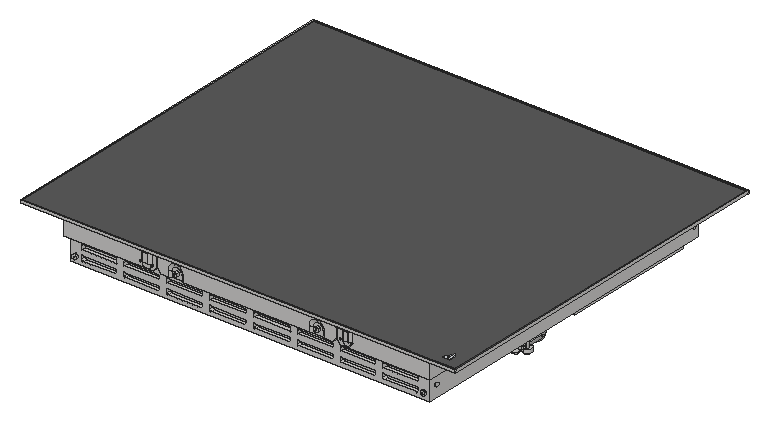
Revit family "P210876JX-026_JIC4324KB", category Specialty Equipment, Revit 2026
Family settings
  Round Connector Dimension = Use Diameter
  Part Type = Normal
  Work Plane-Based = No
  Enable Cutting in Views = No
  Always vertical = Yes
  Cut with Voids When Loaded = No
  Maintain Annotation Orientation = No
  Shared = No
  Room Calculation Point = No
Parameters (values of type "JIC4324KB")
  Width = 25 9/32"
  Voltage = 0 V
  URL = ""
  Trim Material = ARCAT - Metal - Steel - Stainless
  Model = "JIC4324KB"
  Manufacturer = "JennAir"
  Installation-Fabrication = "https://whirlpool.com/content/dam/global/documents/202107/installation-instructions-w11362914-revc.pdf\r\nhttps://whirlpool.com/content/dam/global/documents/202107/installation-instructions-w11362914-revc.pdf"
  Height = 3 29/32"
  Feature 3 = "Oblivion Glass Surface\r\nSurface en verre hypnotisant"
  Feature 2 = "Emotive Controls\r\nCommandes sensibles"
  Feature 1 = "Assisted Cooking\r\nCuisson assistée"
  Family Name = "Electric Built-In Cooktop"
  Energy Guide = ""
  Drawn By = ""
  Dimension Guide = "https://www.whirlpool.com/content/dam/global/documents/202005/dimension-guide-w11362930-reva.pdf\r\nhttps://www.whirlpool.com/content/dam/global/documents/202005/dimension-guide-w11362930-reva.pdf"
  Description = "Oblivion Glass 24\" Induction Cooktop\r\nTable de cuisson à surface en verre de 24 po"
  Depth = 21 5/16"
  Default Elevation = 0"
  Copyright = ""
  Cooktop Glass Material = ARCAT - Glass - Tempered - Black Light
  Body Material = ARCAT - Metal - Steel - Stainless
  Amps = 0 A
Reference planes (in)
  plane 1 "Center (Front/Back)": y = 0
  plane 2: z = 0
  plane 3 "Center (Left/Right)": x = 0
  plane 4: z = 0
  plane 5: z = 0
  plane 6: y = -21.3125
  plane 7: z = -1.10938
  plane 8: z = 2.79687
  plane 9: x = 12.64062
  plane 10: x = -12.64063
Forms (in)
  Extrusion 1, solid, material "ARCAT - Metal - Steel - Stainless" <- "Body Material"
    sketch origin (-60.41868, -180.19394, 1.08437) x (-1, 0, 0) y (0, -1, 0)
      loop
        line (-70.84931, -179.27578) -> (-49.97885, -179.27578) -> (-49.97885, -159.7996) -> (-70.84931, -159.7996) -> (-70.84931, -179.27578)
    from -1.08437 to 0.23633
  Extrusion 2, solid, material "ARCAT - Metal - Steel - Stainless" <- "Body Material"
    sketch origin (13.39375, -20.39434, 0.33437) x (-1, 0, 0) y (0, 0, -1)
      loop
        line (23.63249, -0.09388) -> (23.63249, 0.05046) -> (23.50749, 0.12263) -> (23.38249, 0.05046) -> (23.38249, -0.09388) -> (23.50749, -0.16605) -> (23.63249, -0.09388)
      loop
        circle (23.50749, -0.02171) r 0.04258
    from 0 to 0.12129
  Extrusion 3, solid, material "ARCAT - Metal - Steel - Stainless" <- "Trim Material"
    sketch origin (-17.73791, -0.5, 2.70051) x (0, -1, 0) y (1, 0, 0)
      loop
        line (-0.5, 30.33166) -> (-0.5, 5.14274)
        arc (-0.5, 5.14274) -> (-0.48669, 5.1106) -> (-0.45454, 5.09729) r 0.04546
        line (-0.45454, 5.09729) -> (20.76563, 5.09729)
        arc (20.76563, 5.09729) -> (20.79877, 5.11102) -> (20.8125, 5.14416) r 0.04688
        line (20.8125, 5.14416) -> (20.8125, 30.33166)
        arc (20.8125, 30.33166) -> (20.79877, 30.36481) -> (20.76563, 30.37854) r 0.04688
        line (20.76563, 30.37854) -> (-0.45312, 30.37854)
        arc (-0.45312, 30.37854) -> (-0.48627, 30.36481) -> (-0.5, 30.33166) r 0.04688
      loop
        line (-0.41317, 5.15979) -> (20.72656, 5.15979)
        arc (20.72656, 5.15979) -> (20.74314, 5.16665) -> (20.75, 5.18323) r 0.02344
        line (20.75, 5.18323) -> (20.75, 30.2926)
        arc (20.75, 30.2926) -> (20.74314, 30.30917) -> (20.72656, 30.31604) r 0.02344
        line (20.72656, 30.31604) -> (-0.41406, 30.31604)
        arc (-0.41406, 30.31604) -> (-0.43064, 30.30917) -> (-0.4375, 30.2926) r 0.02344
        line (-0.4375, 30.2926) -> (-0.4375, 5.18412)
        arc (-0.4375, 5.18412) -> (-0.43037, 5.16692) -> (-0.41317, 5.15979) r 0.02433
    from -0.05994 to 0.09636
  Extrusion 4, solid, material "ARCAT - Metal - Steel - Stainless" <- "Body Material"
    sketch origin (-10.43983, -25.57027, 0.55596) x (0, 1, 0) y (0, 0, -1)
      loop
        line (5.65716, -0.25592) -> (5.65716, -0.15132) -> (5.56657, -0.09901) -> (5.47597, -0.15132) -> (5.47597, -0.25592) -> (5.56657, -0.30823) -> (5.65716, -0.25592)
      loop
        circle (5.56657, -0.20362) r 0.0328
    from 0 to 0.125
  Extrusion 5, solid, material "ARCAT - Metal - Steel - Stainless" <- "Body Material"
    sketch origin (-10.43983, -0.57422, 1.08437) x (0, -1, 0) y (0, 0, 1)
      loop
        line (12.98076, 0.23633) -> (12.77695, 0.03252) -> (12.77695, -0.0811) -> (12.6931, -0.0811) -> (12.6931, -0.62141) -> (12.77695, -0.62141) -> (12.77695, -0.73503) -> (12.98076, -0.93885) -> (15.3116, -0.93885) -> (15.50413, -0.74632) -> (15.50413, 0.05268) -> (15.32048, 0.23633) -> (12.98076, 0.23633)
    from 0 to 0.01563
  Blend 6, void
    base sketch origin (-36.9297, -20.625, 2.53437) x (-1, 0, 0) y (0, 0, 1)
      loop
        line (-41.43409, -1.21367) -> (-40.55952, -1.21367) -> (-40.55952, -0.86352)
        arc (-40.55952, -0.86352) -> (-40.9968, -0.42624) -> (-41.43409, -0.86352) r 0.43729
        line (-41.43409, -0.86352) -> (-41.43409, -1.21367)
    top sketch origin (-36.9297, -20.625, 2.53437) x (1, 0, 0) y (0, 0, 1)
      loop
        line (40.70795, -0.86352) -> (40.70795, -1.21367) -> (41.28565, -1.21367) -> (41.28565, -0.86352)
        arc (41.28565, -0.86352) -> (40.9968, -0.57467) -> (40.70795, -0.86352) r 0.28885
    from 0 to 0.0625
  Blend 7, void
    base sketch origin (-28.9922, -20.625, -7.93753) x (-1, 0, 0) y (0, 0, 1)
      loop
        line (-24.42531, 9.25823) -> (-24.42531, 9.60838)
        arc (-24.42531, 9.60838) -> (-24.8626, 10.04566) -> (-25.29988, 9.60838) r 0.43729
        line (-25.29988, 9.60838) -> (-25.29988, 9.25823) -> (-24.42531, 9.25823)
    top sketch origin (-28.9922, -20.625, -7.93753) x (1, 0, 0) y (0, 0, 1)
      loop
        arc (25.15145, 9.60838) -> (24.8626, 9.89723) -> (24.57374, 9.60838) r 0.28885
        line (24.57374, 9.60838) -> (24.57374, 9.25823) -> (25.15145, 9.25823) -> (25.15145, 9.60838)
    from 0 to 0.0625
  Extrusion 8, void
    sketch origin (13.9875, -20.39434, 1.08437) x (1, 0, 0) y (0, 0, -1)
      loop
        line (-23.68119, -0.03335) -> (-21.79832, -0.03335)
        arc (-21.79832, -0.03335) -> (-21.73483, -0.00705) -> (-21.70853, 0.05644) r 0.08979
        line (-21.70853, 0.05644) -> (-21.70853, 0.27699) -> (-23.77103, 0.27699) -> (-23.77103, 0.0565)
        arc (-23.77103, 0.0565) -> (-23.74471, -0.00703) -> (-23.68119, -0.03335) r 0.08984
      loop
        line (-21.21244, -0.03335) -> (-19.32957, -0.03335)
        arc (-19.32957, -0.03335) -> (-19.26608, -0.00705) -> (-19.23978, 0.05644) r 0.08979
        line (-19.23978, 0.05644) -> (-19.23978, 0.27699) -> (-21.30228, 0.27699) -> (-21.30228, 0.0565)
        arc (-21.30228, 0.0565) -> (-21.27596, -0.00703) -> (-21.21244, -0.03335) r 0.08984
      loop
        line (-18.74369, -0.03335) -> (-16.82957, -0.03335)
        arc (-16.82957, -0.03335) -> (-16.76608, -0.00705) -> (-16.73978, 0.05644) r 0.08979
        line (-16.73978, 0.05644) -> (-16.73978, 0.27699) -> (-18.83353, 0.27699) -> (-18.83353, 0.0565)
        arc (-18.83353, 0.0565) -> (-18.80721, -0.00703) -> (-18.74369, -0.03335) r 0.08984
      loop
        line (-16.24369, -0.03335) -> (-14.29832, -0.03335)
        arc (-14.29832, -0.03335) -> (-14.23483, -0.00705) -> (-14.20853, 0.05644) r 0.08979
        line (-14.20853, 0.05644) -> (-14.20853, 0.27699) -> (-16.33353, 0.27699) -> (-16.33353, 0.0565)
        arc (-16.33353, 0.0565) -> (-16.30721, -0.00703) -> (-16.24369, -0.03335) r 0.08984
      loop
        arc (-23.68119, 0.86489) -> (-23.74471, 0.83857) -> (-23.77103, 0.77504) r 0.08984
        line (-23.77103, 0.77504) -> (-23.77103, 0.55455) -> (-21.70853, 0.55455) -> (-21.70853, 0.7751)
        arc (-21.70853, 0.7751) -> (-21.73483, 0.83859) -> (-21.79832, 0.86489) r 0.08979
        line (-21.79832, 0.86489) -> (-23.68119, 0.86489)
      loop
        arc (-21.21244, 0.86489) -> (-21.27596, 0.83857) -> (-21.30228, 0.77504) r 0.08984
        line (-21.30228, 0.77504) -> (-21.30228, 0.55455) -> (-19.23978, 0.55455) -> (-19.23978, 0.7751)
        arc (-19.23978, 0.7751) -> (-19.26608, 0.83859) -> (-19.32957, 0.86489) r 0.08979
        line (-19.32957, 0.86489) -> (-21.21244, 0.86489)
      loop
        arc (-18.74369, 0.86489) -> (-18.80721, 0.83857) -> (-18.83353, 0.77504) r 0.08984
        line (-18.83353, 0.77504) -> (-18.83353, 0.55455) -> (-16.73978, 0.55455) -> (-16.73978, 0.7751)
        arc (-16.73978, 0.7751) -> (-16.76608, 0.83859) -> (-16.82957, 0.86489) r 0.08979
        line (-16.82957, 0.86489) -> (-18.74369, 0.86489)
      loop
        arc (-16.24369, 0.86489) -> (-16.30721, 0.83857) -> (-16.33353, 0.77504) r 0.08984
        line (-16.33353, 0.77504) -> (-16.33353, 0.55455) -> (-14.20853, 0.55455) -> (-14.20853, 0.7751)
        arc (-14.20853, 0.7751) -> (-14.23483, 0.83859) -> (-14.29832, 0.86489) r 0.08979
        line (-14.29832, 0.86489) -> (-16.24369, 0.86489)
      loop
        arc (-4.30302, -0.03335) -> (-4.23949, -0.00703) -> (-4.21317, 0.0565) r 0.08984
        line (-4.21317, 0.0565) -> (-4.21317, 0.27699) -> (-6.26647, 0.27699) -> (-6.26647, 0.05644)
        arc (-6.26647, 0.05644) -> (-6.24017, -0.00705) -> (-6.17668, -0.03335) r 0.08979
        line (-6.17668, -0.03335) -> (-4.30302, -0.03335)
      loop
        arc (-6.76256, -0.03335) -> (-6.69904, -0.00703) -> (-6.67272, 0.0565) r 0.08984
        line (-6.67272, 0.0565) -> (-6.67272, 0.27699) -> (-8.73522, 0.27699) -> (-8.73522, 0.05644)
        arc (-8.73522, 0.05644) -> (-8.70892, -0.00705) -> (-8.64543, -0.03335) r 0.08979
        line (-8.64543, -0.03335) -> (-6.76256, -0.03335)
      loop
        arc (-9.23131, -0.03335) -> (-9.16779, -0.00703) -> (-9.14147, 0.0565) r 0.08984
        line (-9.14147, 0.0565) -> (-9.14147, 0.27699) -> (-11.23522, 0.27699) -> (-11.23522, 0.05644)
        arc (-11.23522, 0.05644) -> (-11.20892, -0.00705) -> (-11.14543, -0.03335) r 0.08979
        line (-11.14543, -0.03335) -> (-9.23131, -0.03335)
      loop
        arc (-11.73131, -0.03335) -> (-11.66779, -0.00703) -> (-11.64147, 0.0565) r 0.08984
        line (-11.64147, 0.0565) -> (-11.64147, 0.27699) -> (-13.76647, 0.27699) -> (-13.76647, 0.05644)
        arc (-13.76647, 0.05644) -> (-13.74017, -0.00705) -> (-13.67668, -0.03335) r 0.08979
        line (-13.67668, -0.03335) -> (-11.73131, -0.03335)
      loop
        line (-4.30302, 0.86489) -> (-6.17668, 0.86489)
        arc (-6.17668, 0.86489) -> (-6.24017, 0.83859) -> (-6.26647, 0.7751) r 0.08979
        line (-6.26647, 0.7751) -> (-6.26647, 0.55455) -> (-4.21317, 0.55455) -> (-4.21317, 0.77504)
        arc (-4.21317, 0.77504) -> (-4.23949, 0.83857) -> (-4.30302, 0.86489) r 0.08984
      loop
        line (-6.76256, 0.86489) -> (-8.64543, 0.86489)
        arc (-8.64543, 0.86489) -> (-8.70892, 0.83859) -> (-8.73522, 0.7751) r 0.08979
        line (-8.73522, 0.7751) -> (-8.73522, 0.55455) -> (-6.67272, 0.55455) -> (-6.67272, 0.77504)
        arc (-6.67272, 0.77504) -> (-6.69904, 0.83857) -> (-6.76256, 0.86489) r 0.08984
      loop
        line (-9.23131, 0.86489) -> (-11.14543, 0.86489)
        arc (-11.14543, 0.86489) -> (-11.20892, 0.83859) -> (-11.23522, 0.7751) r 0.08979
        line (-11.23522, 0.7751) -> (-11.23522, 0.55455) -> (-9.14147, 0.55455) -> (-9.14147, 0.77504)
        arc (-9.14147, 0.77504) -> (-9.16779, 0.83857) -> (-9.23131, 0.86489) r 0.08984
      loop
        line (-11.73131, 0.86489) -> (-13.67668, 0.86489)
        arc (-13.67668, 0.86489) -> (-13.74017, 0.83859) -> (-13.76647, 0.7751) r 0.08979
        line (-13.76647, 0.7751) -> (-13.76647, 0.55455) -> (-11.64147, 0.55455) -> (-11.64147, 0.77504)
        arc (-11.64147, 0.77504) -> (-11.66779, 0.83857) -> (-11.73131, 0.86489) r 0.08984
    from 0 to 0.25
  Blend 9, solid, material "ARCAT - Metal - Steel - Stainless" <- "Body Material"
    base sketch origin (-10.43983, -0.57422, 1.08437) x (0, -1, 0) y (0, 0, 1)
      loop
        arc (13.79595, -0.02899) -> (13.46951, -0.35543) -> (13.79595, -0.68187) r 0.32644
        line (13.79595, -0.68187) -> (14.19218, -0.68187)
        arc (14.19218, -0.68187) -> (14.51862, -0.35543) -> (14.19218, -0.02899) r 0.32644
        line (14.19218, -0.02899) -> (13.79595, -0.02899)
    top sketch origin (-10.43983, -0.57422, 1.08437) x (0, -1, 0) y (0, 0, 1)
      loop
        line (14.19218, -0.13055) -> (13.79595, -0.13055)
        arc (13.79595, -0.13055) -> (13.57107, -0.35543) -> (13.79595, -0.58031) r 0.22488
        line (13.79595, -0.58031) -> (14.19218, -0.58031)
        arc (14.19218, -0.58031) -> (14.41706, -0.35543) -> (14.19218, -0.13055) r 0.22488
    from 0.01562 to 0.21
  Extrusion 10, solid, material "ARCAT - Metal - Steel - Stainless" <- "Body Material"
    sketch origin (-10.45545, -0.57422, 1.08437) x (0, -1, 0) y (0, 0, 1)
      loop
        line (15.1252, -0.27249) -> (15.1252, -0.3771) -> (15.21579, -0.4294) -> (15.30638, -0.3771) -> (15.30638, -0.27249) -> (15.21579, -0.22019) -> (15.1252, -0.27249)
      loop
        circle (15.21579, -0.32479) r 0.0328
    from 0 to 0.125
  Extrusion 11, solid, material "ARCAT - Metal - Steel - Stainless" <- "Body Material"
    sketch origin (14.4375, -0.8125, 2.53437) x (-1, 0, 0) y (0, 0, 1)
      loop
        line (25.07813, -1.21367) -> (25.07813, 0.1062) -> (19.6629, 0.1062) -> (19.6629, -0.96846) -> (19.86865, -1.21367) -> (25.07813, -1.21367)
    from -0.10566 to 0.0625
  Extrusion 12, solid, material "ARCAT - Metal - Steel - Stainless" <- "Body Material"
    sketch origin (-14.4375, -0.8125, 2.53437) x (1, 0, 0) y (0, 0, -1)
      loop
        line (25.07813, 1.21367) -> (19.86865, 1.21367) -> (19.6629, 0.96846) -> (19.6629, -0.1062) -> (25.07813, -0.1062) -> (25.07813, 1.21367)
    from -0.10566 to 0.0625
  Extrusion 13, solid, material "ARCAT - Metal - Steel - Stainless" <- "Body Material"
    sketch origin (-32.9297, -0.8125, 2.53437) x (1, 0, 0) y (0, 0, -1)
      loop
        line (37.9181, 1.21367) -> (27.9413, 1.21367) -> (27.73555, 0.96846) -> (27.73555, -0.1062) -> (38.12385, -0.1062) -> (38.12385, 0.96846) -> (37.9181, 1.21367)
    from -0.10566 to 0.0625
  Extrusion 14, void
    sketch origin (-32.9297, -0.75, 2.53437) x (-1, 0, 0) y (0, 0, -1)
      loop
        line (-36.06668, 0.24097) -> (-34.70754, 0.24097)
        arc (-34.70754, 0.24097) -> (-34.61855, 0.32996) -> (-34.70754, 0.41895) r 0.08899
        line (-34.70754, 0.41895) -> (-36.06668, 0.41895)
        arc (-36.06668, 0.41895) -> (-36.15567, 0.32996) -> (-36.06668, 0.24097) r 0.08899
      loop
        arc (-30.16772, 0.24097) -> (-30.07873, 0.32996) -> (-30.16772, 0.41895) r 0.08899
        line (-30.16772, 0.41895) -> (-31.52686, 0.41895)
        arc (-31.52686, 0.41895) -> (-31.61585, 0.32996) -> (-31.52686, 0.24097) r 0.08899
        line (-31.52686, 0.24097) -> (-30.16772, 0.24097)
    from 0 to 0.0625
  Extrusion 15, solid, material "ARCAT - Metal - Steel - Stainless" <- "Body Material"
    sketch origin (10.43063, -0.57422, 1.08437) x (0, -1, 0) y (0, 0, -1)
      loop
        line (19.3389, 0.27249) -> (19.42949, 0.22019) -> (19.52008, 0.27249) -> (19.52008, 0.3771) -> (19.42949, 0.4294) -> (19.3389, 0.3771) -> (19.3389, 0.27249)
      loop
        circle (19.42949, 0.32479) r 0.0328
    from 0 to 0.125
  Extrusion 16, solid, material "ARCAT - Metal - Steel - Stainless" <- "Body Material"
    sketch origin (-10.43983, 4.25777, 0.55596) x (0, -1, 0) y (0, 0, 1)
      loop
        line (5.65716, 0.25592) -> (5.56657, 0.30823) -> (5.47597, 0.25592) -> (5.47597, 0.15132) -> (5.56657, 0.09901) -> (5.65716, 0.15132) -> (5.65716, 0.25592)
      loop
        circle (5.56657, 0.20362) r 0.0328
    from 0 to 0.125
  Extrusion 17, solid, material "ARCAT - Metal - Steel - Stainless" <- "Body Material"
    sketch origin (10.43063, -0.57422, 1.08437) x (0, -1, 0) y (0, 0, -1)
      loop
        line (0.82517, 0.27249) -> (0.82517, 0.3771) -> (0.73457, 0.4294) -> (0.64398, 0.3771) -> (0.64398, 0.27249) -> (0.73457, 0.22019) -> (0.82517, 0.27249)
      loop
        circle (0.73457, 0.32479) r 0.0328
    from 0 to 0.125
  Extrusion 18, solid, material "ARCAT - Metal - Steel - Stainless" <- "Body Material"
    sketch origin (0, -8.79751, 5.53866) x (0, 0, 1) y (-1, 0, 0)
      loop
        line (-5.53866, 9.55903) -> (-6.42928, 9.55903) -> (-6.42928, -9.55903) -> (-5.53866, -9.55903) -> (-5.53866, 9.55903)
    from 0 to -7.82955
  Revolve 19, solid, material "ARCAT - Metal - Steel - Stainless" <- "Body Material"
    sketch origin (9.33804, 15.43185, 3.41562) x (0, -1, 0) y (0, 0, -1)
      loop
        line (26.83911, 3.41562) -> (26.83911, 4.525) -> (26.74733, 4.525)
        arc (26.74733, 4.525) -> (26.4665, 4.40868) -> (26.35019, 4.12786) r 0.39714
        line (26.35019, 4.12786) -> (26.35019, 3.41562) -> (26.83911, 3.41562)
      axis (26.83911, 3.41562) -> (26.83911, 4.525)
    angle from 0 to 360
  Extrusion 20, solid, material "ARCAT - Metal - Steel - Stainless" <- "Body Material"
    sketch origin (-30.69942, -16.67586, 48.02344) x (-1, 0, 0) y (0, 0, 1)
      loop
        circle (-40.04943, -48.6875) r 0.41987
      loop
        spline (-39.58313, -48.67188) -> (-39.59902, -48.55328) -> (-39.6456, -48.44276) -> (-39.71971, -48.34785) -> (-39.81628, -48.27503) -> (-39.92875, -48.22925) -> (-40.04943, -48.21364) -> (-40.17012, -48.22925) -> (-40.28258, -48.27503) -> (-40.37916, -48.34785) -> (-40.45326, -48.44276) -> (-40.49985, -48.55328) -> (-40.51574, -48.67188)
        spline (-40.51574, -48.67188) -> (-40.49985, -48.79047) -> (-40.45326, -48.90099) -> (-40.37916, -48.9959) -> (-40.28258, -49.06872) -> (-40.17012, -49.1145) -> (-40.04943, -49.13011) -> (-39.92875, -49.1145) -> (-39.81628, -49.06872) -> (-39.71971, -48.9959) -> (-39.6456, -48.90099) -> (-39.59902, -48.79047) -> (-39.58313, -48.67188)
    from 3.66899 to 5.31723
  Extrusion 21, solid, material "ARCAT - Metal - Steel - Stainless" <- "Body Material"
    sketch origin (-30.69942, -13.00687, 48.02344) x (1, 0, 0) y (0, 0, 1)
      loop
        arc (39.62957, -48.6875) -> (40.04943, -48.26763) -> (40.4693, -48.6875) r 0.41987
        line (40.4693, -48.6875) -> (40.65991, -48.6875)
        arc (40.65991, -48.6875) -> (40.05054, -48.07813) -> (39.44116, -48.6875) r 0.60938
        line (39.44116, -48.6875) -> (39.62957, -48.6875)
    from 0 to 0.12046
  Revolve 22, solid, material "ARCAT - Metal - Steel - Stainless" <- "Body Material"
    sketch origin (8.66563, -0.51172, -3.18366) x (0, -1, 0) y (0, 0, 1)
      loop
        line (12.29946, 2.84532) -> (12.22072, 2.84532) -> (12.22072, 2.52701) -> (12.04482, 2.52701) -> (12.04482, 2.37791) -> (12.14533, 2.37791)
        arc (12.14533, 2.37791) -> (12.17762, 2.25043) -> (12.29946, 2.20093) r 0.14565
        line (12.29946, 2.20093) -> (12.29946, 2.84532)
      axis (12.29946, 2.84532) -> (12.29946, 2.20093)
    angle from 0 to 360
  Revolve 23, solid, material "ARCAT - Metal - Steel - Stainless" <- "Body Material"
    sketch origin (10.0344, -0.51172, -3.18366) x (0, -1, 0) y (0, 0, -1)
      loop
        line (12.29946, -2.84532) -> (12.29946, -2.20093)
        arc (12.29946, -2.20093) -> (12.17762, -2.25043) -> (12.14533, -2.37791) r 0.14565
        line (12.14533, -2.37791) -> (12.04482, -2.37791) -> (12.04482, -2.52701) -> (12.22072, -2.52701) -> (12.22072, -2.84532) -> (12.29946, -2.84532)
      axis (12.29946, -2.84532) -> (12.29946, -2.20093)
    angle from 0 to 360
  Extrusion 24, solid, material "ARCAT - Metal - Steel - Stainless" <- "Body Material"
    sketch origin (28.9297, -20.5625, 2.53437) x (1, 0, 0) y (0, 0, 1)
      loop
        line (-24.7346, -0.83075) -> (-24.8596, -0.75858) -> (-24.9846, -0.83075) -> (-24.9846, -0.97509) -> (-24.8596, -1.04725) -> (-24.7346, -0.97509) -> (-24.7346, -0.83075)
      loop
        circle (-24.8596, -0.90292) r 0.04258
    from 0 to 0.12129
  Extrusion 25, solid, material "ARCAT - Metal - Steel - Stainless" <- "Body Material"
    sketch origin (-28.9922, -20.5625, 2.53437) x (1, 0, 0) y (0, 0, 1)
      loop
        line (24.7346, -0.83075) -> (24.7346, -0.97509) -> (24.8596, -1.04725) -> (24.9846, -0.97509) -> (24.9846, -0.83075) -> (24.8596, -0.75858) -> (24.7346, -0.83075)
      loop
        circle (24.8596, -0.90292) r 0.04258
    from 0 to 0.12129
  Extrusion 26, solid, material "ARCAT - Metal - Steel - Stainless" <- "Body Material"
    sketch origin (13.46233, -8.61001, -0.89063) x (0, 1, 0) y (1, 0, 0)
      loop
        line (1.66326, -22.60731) -> (1.73543, -22.48231) -> (1.66326, -22.35731) -> (1.51893, -22.35731) -> (1.44676, -22.48231) -> (1.51893, -22.60731) -> (1.66326, -22.60731)
      loop
        circle (1.59109, -22.48231) r 0.04258
    from 0 to 0.125
  Extrusion 27, solid, material "ARCAT - Metal - Steel - Stainless" <- "Body Material"
    sketch origin (13.46233, -4.36001, -0.89063) x (0, 1, 0) y (1, 0, 0)
      loop
        line (1.66326, -22.60731) -> (1.73543, -22.48231) -> (1.66326, -22.35731) -> (1.51893, -22.35731) -> (1.44676, -22.48231) -> (1.51893, -22.60731) -> (1.66326, -22.60731)
      loop
        circle (1.59109, -22.48231) r 0.04258
    from 0 to 0.125
  Extrusion 28, solid, material "ARCAT - Metal - Steel - Stainless" <- "Body Material"
    sketch origin (-13.46233, -9.23501, -0.89063) x (0, -1, 0) y (-1, 0, 0)
      loop
        line (-1.66326, -22.60731) -> (-1.51893, -22.60731) -> (-1.44676, -22.48231) -> (-1.51893, -22.35731) -> (-1.66326, -22.35731) -> (-1.73543, -22.48231) -> (-1.66326, -22.60731)
      loop
        circle (-1.59109, -22.48231) r 0.04258
    from 0 to 0.125
  Extrusion 29, solid, material "ARCAT - Metal - Steel - Stainless" <- "Body Material"
    sketch origin (-13.46233, -3.73501, -0.89063) x (0, -1, 0) y (-1, 0, 0)
      loop
        line (-1.66326, -22.60731) -> (-1.51893, -22.60731) -> (-1.44676, -22.48231) -> (-1.51893, -22.35731) -> (-1.66326, -22.35731) -> (-1.73543, -22.48231) -> (-1.66326, -22.60731)
      loop
        circle (-1.59109, -22.48231) r 0.04258
    from 0 to 0.125
  Extrusion 30, solid, material "ARCAT - Metal - Steel - Stainless" <- "Body Material"
    sketch origin (-60.41868, -180.44394, 0) x (0, -1, 0) y (-1, 0, 0)
      loop
        line (-174.01106, -70.56833) -> (-173.86672, -70.56833) -> (-173.79455, -70.44333) -> (-173.86672, -70.31833) -> (-174.01106, -70.31833) -> (-174.08323, -70.44333) -> (-174.01106, -70.56833)
      loop
        circle (-173.93889, -70.44333) r 0.04258
    from 0 to 0.125
  Extrusion 31, solid, material "ARCAT - Metal - Steel - Stainless" <- "Body Material"
    sketch origin (-60.41868, -175.28769, 0) x (0, -1, 0) y (-1, 0, 0)
      loop
        line (-174.01106, -70.56833) -> (-173.86672, -70.56833) -> (-173.79455, -70.44333) -> (-173.86672, -70.31833) -> (-174.01106, -70.31833) -> (-174.08323, -70.44333) -> (-174.01106, -70.56833)
      loop
        circle (-173.93889, -70.44333) r 0.04258
    from 0 to 0.125
  Extrusion 32, solid, material "ARCAT - Metal - Steel - Stainless" <- "Body Material"
    sketch origin (60.41868, -180.44394, 0) x (0, 1, 0) y (1, 0, 0)
      loop
        line (174.01106, -70.57753) -> (174.08323, -70.45253) -> (174.01106, -70.32753) -> (173.86672, -70.32753) -> (173.79455, -70.45253) -> (173.86672, -70.57753) -> (174.01106, -70.57753)
      loop
        circle (173.93889, -70.45253) r 0.04258
    from 0 to 0.125
  Extrusion 33, solid, material "ARCAT - Metal - Steel - Stainless" <- "Body Material"
    sketch origin (60.41868, -175.28769, 0) x (0, 1, 0) y (1, 0, 0)
      loop
        line (174.01106, -70.57753) -> (174.08323, -70.45253) -> (174.01106, -70.32753) -> (173.86672, -70.32753) -> (173.79455, -70.45253) -> (173.86672, -70.57753) -> (174.01106, -70.57753)
      loop
        circle (173.93889, -70.45253) r 0.04258
    from 0 to 0.125
  Extrusion 34, solid, material "ARCAT - Glass - Tempered - Black Light" <- "Cooktop Glass Material"
    sketch origin (-17.48791, -0.5, 2.70051) x (0, -1, 0) y (1, 0, 0)
      loop
        arc (20.72656, 4.90979) -> (20.74314, 4.91665) -> (20.75, 4.93323) r 0.02344
        line (20.75, 4.93323) -> (20.75, 30.0426)
        arc (20.75, 30.0426) -> (20.74314, 30.05917) -> (20.72656, 30.06604) r 0.02344
        line (20.72656, 30.06604) -> (-0.41406, 30.06604)
        arc (-0.41406, 30.06604) -> (-0.43064, 30.05917) -> (-0.4375, 30.0426) r 0.02344
        line (-0.4375, 30.0426) -> (-0.4375, 4.93412)
        arc (-0.4375, 4.93412) -> (-0.43037, 4.91692) -> (-0.41317, 4.90979) r 0.02433
        line (-0.41317, 4.90979) -> (20.72656, 4.90979)
    from -0.05994 to 0.09636
  Extrusion 35, void
    sketch origin (0, -0.96796, 5.53866) x (0, 0, 1) y (-1, 0, 0)
      loop
        line (-5.76764, -9.37599) -> (-5.76764, 9.3344) -> (-6.2095, 9.3344) -> (-6.2095, -9.37599) -> (-5.76764, -9.37599)
    from 0 to 7.63976
  Revolve 36, solid, material "ARCAT - Metal - Steel - Stainless" <- "Body Material"
    sketch origin (34.21719, -4.97816, 2.95009) x (-1, 0, 0) y (0, 0, -1)
      loop
        line (27.14072, 3.4) -> (27.14072, 3.17907) -> (27.59156, 3.17907)
        arc (27.59156, 3.17907) -> (27.56593, 3.19715) -> (27.54785, 3.22278) r 0.09202
        arc (27.54785, 3.22278) -> (27.49949, 3.29679) -> (27.43303, 3.3551) r 0.32629
        arc (27.43303, 3.3551) -> (27.36169, 3.38853) -> (27.28375, 3.4) r 0.27063
        arc (27.28375, 3.4) -> (27.36169, 3.41147) -> (27.43303, 3.4449) r 0.27063
        arc (27.43303, 3.4449) -> (27.49949, 3.50321) -> (27.54785, 3.57722) r 0.32629
        arc (27.54785, 3.57722) -> (27.56593, 3.60285) -> (27.59156, 3.62093) r 0.09202
        line (27.59156, 3.62093) -> (27.14072, 3.62093) -> (27.14072, 3.4)
      axis (27.14072, 3.17907) -> (27.14072, 3.62093)
    angle from 0 to 360
  Extrusion 37, solid, material "ARCAT - Metal - Steel - Stainless" <- "Body Material"
    sketch origin (14.4375, -20.5625, 2.53437) x (-1, 0, 0) y (0, 0, -1)
      loop
        line (25.07813, 1.21367) -> (19.86865, 1.21367) -> (19.6629, 0.96846) -> (19.6629, -0.1062) -> (25.07813, -0.1062) -> (25.07813, 1.21367)
    from -0.16816 to 0.0625
  Extrusion 38, solid, material "ARCAT - Metal - Steel - Stainless" <- "Body Material"
    sketch origin (-14.4375, -20.5625, 2.53437) x (1, 0, 0) y (0, 0, 1)
      loop
        line (25.07813, -1.21367) -> (25.07813, 0.1062) -> (19.6629, 0.1062) -> (19.6629, -0.96846) -> (19.86865, -1.21367) -> (25.07813, -1.21367)
    from -0.16816 to 0.0625
  Extrusion 39, solid, material "ARCAT - Metal - Steel - Stainless" <- "Body Material"
    sketch origin (-32.9297, -20.5625, 2.53437) x (1, 0, 0) y (0, 0, 1)
      loop
        line (37.9181, -1.21367) -> (38.12385, -0.96846) -> (38.12385, 0.1062) -> (27.73555, 0.1062) -> (27.73555, -0.96846) -> (27.9413, -1.21367) -> (37.9181, -1.21367)
    from -0.16816 to 0.0625
  Blend 40, void
    base sketch origin (10.64063, 22.48454, 48) x (0, -1, 0) y (0, 0, -1)
      loop
        line (39.39223, 46.67929) -> (39.39223, 46.49822)
        arc (39.39223, 46.49822) -> (39.95256, 45.93789) -> (40.5129, 46.49822) r 0.56033
        line (40.5129, 46.49822) -> (40.5129, 46.67929) -> (39.39223, 46.67929)
    top sketch origin (10.64063, 22.48454, 48) x (0, 1, 0) y (0, 0, -1)
      loop
        line (-39.51332, 46.49822) -> (-39.51332, 46.67929) -> (-40.3918, 46.67929) -> (-40.3918, 46.49822)
        arc (-40.3918, 46.49822) -> (-39.95256, 46.05898) -> (-39.51332, 46.49822) r 0.43924
    from 0 to -0.13672
  Blend 41, void
    base sketch origin (10.64063, 22.48454, 48) x (0, -1, 0) y (0, 0, -1)
      loop
        line (25.95473, 46.67929) -> (25.95473, 46.49822)
        arc (25.95473, 46.49822) -> (26.51506, 45.93789) -> (27.0754, 46.49822) r 0.56033
        line (27.0754, 46.49822) -> (27.0754, 46.67929) -> (25.95473, 46.67929)
    top sketch origin (10.64063, 22.48454, 48) x (0, 1, 0) y (0, 0, -1)
      loop
        line (-26.07582, 46.49822) -> (-26.07582, 46.67929) -> (-26.9543, 46.67929) -> (-26.9543, 46.49822)
        arc (-26.9543, 46.49822) -> (-26.51506, 46.05898) -> (-26.07582, 46.49822) r 0.43924
    from 0 to -0.13672
  Blend 42, void
    base sketch origin (-10.64063, -0.51172, -3.17822) x (0, 1, 0) y (0, 0, 1)
      loop
        line (-16.39596, 4.49893) -> (-16.39596, 4.68)
        arc (-16.39596, 4.68) -> (-16.9563, 5.24033) -> (-17.51663, 4.68) r 0.56033
        line (-17.51663, 4.68) -> (-17.51663, 4.49893) -> (-16.39596, 4.49893)
    top sketch origin (-10.64063, -0.51172, -3.17822) x (0, 1, 0) y (0, 0, 1)
      loop
        arc (-16.51706, 4.68) -> (-16.9563, 5.11924) -> (-17.39554, 4.68) r 0.43924
        line (-17.39554, 4.68) -> (-17.39554, 4.49893) -> (-16.51706, 4.49893) -> (-16.51706, 4.68)
    from 0 to 0.13593
  Blend 43, void
    base sketch origin (-10.64063, 12.92578, -3.17822) x (0, 1, 0) y (0, 0, 1)
      loop
        line (-16.39596, 4.49893) -> (-16.39596, 4.68)
        arc (-16.39596, 4.68) -> (-16.9563, 5.24033) -> (-17.51663, 4.68) r 0.56033
        line (-17.51663, 4.68) -> (-17.51663, 4.49893) -> (-16.39596, 4.49893)
    top sketch origin (-10.64063, 12.92578, -3.17822) x (0, 1, 0) y (0, 0, 1)
      loop
        arc (-16.51706, 4.68) -> (-16.9563, 5.11924) -> (-17.39554, 4.68) r 0.43924
        line (-17.39554, 4.68) -> (-17.39554, 4.49893) -> (-16.51706, 4.49893) -> (-16.51706, 4.68)
    from 0 to 0.13593
  Extrusion 44, void
    sketch origin (-10.64063, -0.51172, 2.65937) x (0, 1, 0) y (0, 0, 1)
      loop
        circle (-2.14346, -0.64051) r 0.17487
    from 0 to 0.15625
  Extrusion 45, void
    sketch origin (-10.64063, -20.92432, 2.65937) x (0, -1, 0) y (0, 0, -1)
      loop
        circle (-2.01846, 0.64051) r 0.17487
    from 0 to 0.15625
  Extrusion 46, solid, material "ARCAT - Metal - Steel - Stainless" <- "Body Material"
    sketch origin (-13.39375, -20.39434, 0.33437) x (1, 0, 0) y (0, 0, 1)
      loop
        line (23.62328, 0.09388) -> (23.49828, 0.16605) -> (23.37328, 0.09388) -> (23.37328, -0.05046) -> (23.49828, -0.12263) -> (23.62328, -0.05046) -> (23.62328, 0.09388)
      loop
        circle (23.49828, 0.02171) r 0.04258
    from 0 to 0.12129
  Extrusion 47, solid, material "ARCAT - Metal - Steel - Stainless" <- "Body Material"
    sketch origin (29.35338, -20.625, 2.53437) x (-1, 0, 0) y (0, 0, -1)
      loop
        line (24.15922, 0.06271) -> (24.15922, 0.36834) -> (23.74214, 0.36834) -> (23.74214, 1.08464) -> (23.66613, 1.16066) -> (23.41613, 1.16066) -> (23.32091, 1.06544) -> (23.32091, 0.1591) -> (23.41731, 0.06271) -> (24.15922, 0.06271)
    from 0 to 0.01563
  Extrusion 48, void
    sketch origin (-18.31992, -20.625, 2.53437) x (-1, 0, 0) y (0, 0, 1)
      loop
        line (-24.40707, -0.8699) -> (-24.49447, -0.8699)
        arc (-24.49447, -0.8699) -> (-24.55202, -0.92745) -> (-24.49447, -0.98499) r 0.05755
        line (-24.49447, -0.98499) -> (-23.78955, -0.98499)
        arc (-23.78955, -0.98499) -> (-23.732, -0.92745) -> (-23.78955, -0.8699) r 0.05755
        line (-23.78955, -0.8699) -> (-23.87695, -0.8699) -> (-23.87695, -0.36834) -> (-23.78955, -0.36834)
        arc (-23.78955, -0.36834) -> (-23.732, -0.31079) -> (-23.78955, -0.25324) r 0.05755
        line (-23.78955, -0.25324) -> (-24.49447, -0.25324)
        arc (-24.49447, -0.25324) -> (-24.55202, -0.31079) -> (-24.49447, -0.36834) r 0.05755
        line (-24.49447, -0.36834) -> (-24.40707, -0.36834) -> (-24.40707, -0.8699)
    from 0 to 0.0625
  Extrusion 49, solid, material "ARCAT - Metal - Steel - Stainless" <- "Body Material"
    sketch origin (56.68376, -180.13144, 1.32071) x (0, 1, 0) y (1, 0, 0)
      loop
        line (159.50644, -50.59661) -> (159.40232, -50.70074)
        arc (159.40232, -50.70074) -> (159.393, -50.71468) -> (159.38973, -50.73112) r 0.04297
        line (159.38973, -50.73112) -> (159.38973, -50.99263)
        arc (159.38973, -50.99263) -> (159.39293, -51.0087) -> (159.40203, -51.02233) r 0.042
        line (159.40203, -51.02233) -> (159.50644, -51.12673) -> (159.50644, -51.0913) -> (159.40926, -50.99412) -> (159.40926, -50.72963) -> (159.50644, -50.63245) -> (159.50644, -50.59661)
    from -0.84533 to -0.34377
  Extrusion 50, void
    sketch origin (18.32632, -20.625, 2.53437) x (1, 0, 0) y (0, 0, -1)
      loop
        line (-24.40707, 0.8699) -> (-24.40707, 0.36834) -> (-24.49447, 0.36834)
        arc (-24.49447, 0.36834) -> (-24.55202, 0.31079) -> (-24.49447, 0.25324) r 0.05755
        line (-24.49447, 0.25324) -> (-23.78955, 0.25324)
        arc (-23.78955, 0.25324) -> (-23.732, 0.31079) -> (-23.78955, 0.36834) r 0.05755
        line (-23.78955, 0.36834) -> (-23.87695, 0.36834) -> (-23.87695, 0.8699) -> (-23.78955, 0.8699)
        arc (-23.78955, 0.8699) -> (-23.732, 0.92745) -> (-23.78955, 0.98499) r 0.05755
        line (-23.78955, 0.98499) -> (-24.49447, 0.98499)
        arc (-24.49447, 0.98499) -> (-24.55202, 0.92745) -> (-24.49447, 0.8699) r 0.05755
        line (-24.49447, 0.8699) -> (-24.40707, 0.8699)
    from 0 to 0.0625
  Extrusion 51, solid, material "ARCAT - Metal - Steel - Stainless" <- "Body Material"
    sketch origin (-29.04088, -20.625, 2.53437) x (1, 0, 0) y (0, 0, 1)
      loop
        line (23.84672, -0.06271) -> (23.12231, -0.06271) -> (23.02591, -0.1591) -> (23.02591, -1.06544) -> (23.12113, -1.16066) -> (23.37113, -1.16066) -> (23.44714, -1.08464) -> (23.44714, -0.36834) -> (23.84672, -0.36834) -> (23.84672, -0.06271)
    from 0 to 0.01563
  Extrusion 52, solid, material "ARCAT - Metal - Steel - Stainless" <- "Body Material"
    sketch origin (-56.52986, -180.13144, 1.32071) x (0, -1, 0) y (-1, 0, 0)
      loop
        line (-159.50644, -50.44911) -> (-159.50644, -50.48495) -> (-159.40926, -50.58213) -> (-159.40926, -50.84662) -> (-159.50644, -50.9438) -> (-159.50644, -50.97923) -> (-159.40203, -50.87483)
        arc (-159.40203, -50.87483) -> (-159.39293, -50.8612) -> (-159.38973, -50.84513) r 0.042
        line (-159.38973, -50.84513) -> (-159.38973, -50.58362)
        arc (-159.38973, -50.58362) -> (-159.393, -50.56718) -> (-159.40232, -50.55324) r 0.04297
        line (-159.40232, -50.55324) -> (-159.50644, -50.44911)
    from -0.84533 to -0.34377
  Extrusion 53, solid, material "ARCAT - Metal - Steel - Stainless" <- "Body Material"
    sketch origin (10.64063, -0.51172, 2.53437) x (0, -1, 0) y (0, 0, -1)
      loop
        line (14.65593, 0.13263) -> (15.02829, 0.13263)
        arc (15.02829, 0.13263) -> (15.14391, 0.16406) -> (15.2277, 0.2497) r 0.22837
        arc (15.2277, 0.2497) -> (15.27111, 0.36863) -> (15.27515, 0.49517) r 0.39966
        arc (15.27515, 0.49517) -> (15.19987, 0.69777) -> (15.04288, 0.84634) r 0.47689
        arc (15.04288, 0.84634) -> (15.02143, 0.87872) -> (15.03397, 0.91548) r 0.04403
        line (15.03397, 0.91548) -> (15.1076, 0.98912) -> (15.0717, 1.02502) -> (14.99806, 0.95139)
        arc (14.99806, 0.95139) -> (14.97107, 0.87223) -> (15.01724, 0.8025) r 0.09482
        arc (15.01724, 0.8025) -> (15.15751, 0.66976) -> (15.22478, 0.48873) r 0.42611
        arc (15.22478, 0.48873) -> (15.22126, 0.37827) -> (15.18336, 0.27445) r 0.34888
        arc (15.18336, 0.27445) -> (15.1182, 0.20785) -> (15.02829, 0.18341) r 0.17759
        line (15.02829, 0.18341) -> (14.65593, 0.18341)
        arc (14.65593, 0.18341) -> (14.56602, 0.20785) -> (14.50086, 0.27445) r 0.17759
        arc (14.50086, 0.27445) -> (14.46296, 0.37827) -> (14.45944, 0.48873) r 0.34888
        arc (14.45944, 0.48873) -> (14.52671, 0.66976) -> (14.66698, 0.8025) r 0.42611
        arc (14.66698, 0.8025) -> (14.71315, 0.87223) -> (14.68616, 0.95139) r 0.09482
        line (14.68616, 0.95139) -> (14.61252, 1.02502) -> (14.57661, 0.98912) -> (14.65025, 0.91548)
        arc (14.65025, 0.91548) -> (14.66278, 0.87872) -> (14.64134, 0.84634) r 0.04403
        arc (14.64134, 0.84634) -> (14.48435, 0.69777) -> (14.40907, 0.49517) r 0.47689
        arc (14.40907, 0.49517) -> (14.4131, 0.36863) -> (14.45652, 0.2497) r 0.39966
        arc (14.45652, 0.2497) -> (14.54031, 0.16406) -> (14.65593, 0.13263) r 0.22837
    from 0 to 0.22444
  Extrusion 54, solid, material "ARCAT - Metal - Steel - Stainless" <- "Body Material"
    sketch origin (10.64063, -20.98682, 2.53437) x (0, 1, 0) y (0, 0, 1)
      loop
        arc (14.59343, -0.13263) -> (14.47781, -0.16406) -> (14.39402, -0.2497) r 0.22837
        arc (14.39402, -0.2497) -> (14.3506, -0.36863) -> (14.34657, -0.49517) r 0.39966
        arc (14.34657, -0.49517) -> (14.42185, -0.69777) -> (14.57884, -0.84634) r 0.47689
        arc (14.57884, -0.84634) -> (14.60028, -0.87872) -> (14.58775, -0.91548) r 0.04403
        line (14.58775, -0.91548) -> (14.51411, -0.98912) -> (14.55002, -1.02502) -> (14.62366, -0.95139)
        arc (14.62366, -0.95139) -> (14.65065, -0.87223) -> (14.60448, -0.8025) r 0.09482
        arc (14.60448, -0.8025) -> (14.46421, -0.66976) -> (14.39694, -0.48873) r 0.42611
        arc (14.39694, -0.48873) -> (14.40046, -0.37827) -> (14.43836, -0.27445) r 0.34888
        arc (14.43836, -0.27445) -> (14.50352, -0.20785) -> (14.59343, -0.18341) r 0.17759
        line (14.59343, -0.18341) -> (14.96579, -0.18341)
        arc (14.96579, -0.18341) -> (15.0557, -0.20785) -> (15.12086, -0.27445) r 0.17759
        arc (15.12086, -0.27445) -> (15.15876, -0.37827) -> (15.16228, -0.48873) r 0.34888
        arc (15.16228, -0.48873) -> (15.09501, -0.66976) -> (14.95474, -0.8025) r 0.42611
        arc (14.95474, -0.8025) -> (14.90857, -0.87223) -> (14.93556, -0.95139) r 0.09482
        line (14.93556, -0.95139) -> (15.0092, -1.02502) -> (15.0451, -0.98912) -> (14.97147, -0.91548)
        arc (14.97147, -0.91548) -> (14.95893, -0.87872) -> (14.98038, -0.84634) r 0.04403
        arc (14.98038, -0.84634) -> (15.13737, -0.69777) -> (15.21265, -0.49517) r 0.47689
        arc (15.21265, -0.49517) -> (15.20861, -0.36863) -> (15.1652, -0.2497) r 0.39966
        arc (15.1652, -0.2497) -> (15.08141, -0.16406) -> (14.96579, -0.13263) r 0.22837
        line (14.96579, -0.13263) -> (14.59343, -0.13263)
    from 0 to 0.22444
  Extrusion 55, void
    sketch origin (10.64063, -0.51172, 2.65937) x (0, 1, 0) y (0, 0, -1)
      loop
        circle (-2.14346, 0.64051) r 0.17487
    from 0 to 0.15625
  Extrusion 56, solid, material "ARCAT - Metal - Steel - Stainless" <- "Body Material"
    sketch origin (10.5047, 12.92578, -3.17822) x (0, -1, 0) y (0, 0, -1)
      loop
        line (17.04852, -4.8147) -> (17.04852, -4.71009) -> (16.95793, -4.65779) -> (16.86734, -4.71009) -> (16.86734, -4.8147) -> (16.95793, -4.867) -> (17.04852, -4.8147)
      loop
        circle (16.95793, -4.7624) r 0.0328
    from 0 to 0.125
  Extrusion 57, solid, material "ARCAT - Metal - Steel - Stainless" <- "Body Material"
    sketch origin (10.5047, -0.51172, -3.17822) x (0, -1, 0) y (0, 0, -1)
      loop
        line (17.04852, -4.8147) -> (17.04852, -4.71009) -> (16.95793, -4.65779) -> (16.86734, -4.71009) -> (16.86734, -4.8147) -> (16.95793, -4.867) -> (17.04852, -4.8147)
      loop
        circle (16.95793, -4.7624) r 0.0328
    from 0 to 0.125
  Extrusion 58, void
    sketch origin (10.64063, -20.98682, 2.65937) x (0, -1, 0) y (0, 0, 1)
      loop
        circle (-2.08096, -0.64051) r 0.17487
    from 0 to 0.15625
  Extrusion 59, solid, material "ARCAT - Metal - Steel - Stainless" <- "Body Material"
    sketch origin (-64.26868, -180.19394, 2.53437) x (-1, 0, 0) y (0, -1, 0)
      loop
        line (-74.90931, -179.27578) -> (-74.69931, -179.27578) -> (-74.69931, -159.7996) -> (-74.90931, -159.7996) -> (-74.90931, -179.27578)
      loop
        line (-53.83806, -159.7996) -> (-53.83806, -179.27578) -> (-53.62806, -179.27578) -> (-53.62806, -159.7996) -> (-53.83806, -159.7996)
    from -1.21367 to 0.1062
  Extrusion 60, solid, material "ARCAT - Metal - Steel - Stainless" <- "Body Material"
    sketch origin (15.87702, -0.91816, 1.08437) x (-1, 0, 0) y (0, 0, 1)
      loop
        circle (15.87702, -0.70937) r 0.25
    from 0 to 0.03125
  Extrusion 61, void
    sketch origin (-18.32632, -0.75, 2.53437) x (-1, 0, 0) y (0, 0, -1)
      loop
        line (-24.40707, 0.8699) -> (-24.40707, 0.36834) -> (-24.49447, 0.36834)
        arc (-24.49447, 0.36834) -> (-24.55202, 0.31079) -> (-24.49447, 0.25324) r 0.05755
        line (-24.49447, 0.25324) -> (-23.78955, 0.25324)
        arc (-23.78955, 0.25324) -> (-23.732, 0.31079) -> (-23.78955, 0.36834) r 0.05755
        line (-23.78955, 0.36834) -> (-23.87695, 0.36834) -> (-23.87695, 0.8699) -> (-23.78955, 0.8699)
        arc (-23.78955, 0.8699) -> (-23.732, 0.92745) -> (-23.78955, 0.98499) r 0.05755
        line (-23.78955, 0.98499) -> (-24.49447, 0.98499)
        arc (-24.49447, 0.98499) -> (-24.55202, 0.92745) -> (-24.49447, 0.8699) r 0.05755
        line (-24.49447, 0.8699) -> (-24.40707, 0.8699)
    from 0 to 0.0625
  Extrusion 62, solid, material "ARCAT - Metal - Steel - Stainless" <- "Body Material"
    sketch origin (56.52986, 158.81894, 1.32071) x (0, 1, 0) y (1, 0, 0)
      loop
        line (-159.56894, -50.44911) -> (-159.56894, -50.48495) -> (-159.47176, -50.58213) -> (-159.47176, -50.84662) -> (-159.56894, -50.9438) -> (-159.56894, -50.97923) -> (-159.46453, -50.87483)
        arc (-159.46453, -50.87483) -> (-159.45543, -50.8612) -> (-159.45223, -50.84513) r 0.042
        line (-159.45223, -50.84513) -> (-159.45223, -50.58362)
        arc (-159.45223, -50.58362) -> (-159.4555, -50.56718) -> (-159.46482, -50.55324) r 0.04297
        line (-159.46482, -50.55324) -> (-159.56894, -50.44911)
    from -0.84533 to -0.34377
  Extrusion 63, solid, material "ARCAT - Metal - Steel - Stainless" <- "Body Material"
    sketch origin (29.04088, -0.75, 2.53437) x (-1, 0, 0) y (0, 0, 1)
      loop
        line (23.84672, -0.06271) -> (23.12231, -0.06271) -> (23.02591, -0.1591) -> (23.02591, -1.06544) -> (23.12113, -1.16066) -> (23.37113, -1.16066) -> (23.44714, -1.08464) -> (23.44714, -0.36834) -> (23.84672, -0.36834) -> (23.84672, -0.06271)
    from 0 to 0.01563
  Extrusion 64, void
    sketch origin (18.32632, -0.75, 2.53437) x (1, 0, 0) y (0, 0, 1)
      loop
        line (-24.40707, -0.8699) -> (-24.49447, -0.8699)
        arc (-24.49447, -0.8699) -> (-24.55202, -0.92745) -> (-24.49447, -0.98499) r 0.05755
        line (-24.49447, -0.98499) -> (-23.78955, -0.98499)
        arc (-23.78955, -0.98499) -> (-23.732, -0.92745) -> (-23.78955, -0.8699) r 0.05755
        line (-23.78955, -0.8699) -> (-23.87695, -0.8699) -> (-23.87695, -0.36834) -> (-23.78955, -0.36834)
        arc (-23.78955, -0.36834) -> (-23.732, -0.31079) -> (-23.78955, -0.25324) r 0.05755
        line (-23.78955, -0.25324) -> (-24.49447, -0.25324)
        arc (-24.49447, -0.25324) -> (-24.55202, -0.31079) -> (-24.49447, -0.36834) r 0.05755
        line (-24.49447, -0.36834) -> (-24.40707, -0.36834) -> (-24.40707, -0.8699)
    from 0 to 0.0625
  Extrusion 65, solid, material "ARCAT - Metal - Steel - Stainless" <- "Body Material"
    sketch origin (-56.52986, 158.81894, 1.32071) x (0, -1, 0) y (-1, 0, 0)
      loop
        line (159.56894, -50.44911) -> (159.46482, -50.55324)
        arc (159.46482, -50.55324) -> (159.4555, -50.56718) -> (159.45223, -50.58362) r 0.04297
        line (159.45223, -50.58362) -> (159.45223, -50.84513)
        arc (159.45223, -50.84513) -> (159.45543, -50.8612) -> (159.46453, -50.87483) r 0.042
        line (159.46453, -50.87483) -> (159.56894, -50.97923) -> (159.56894, -50.9438) -> (159.47176, -50.84662) -> (159.47176, -50.58213) -> (159.56894, -50.48495) -> (159.56894, -50.44911)
    from -0.84533 to -0.34377
  Extrusion 66, solid, material "ARCAT - Metal - Steel - Stainless" <- "Body Material"
    sketch origin (-29.04088, -0.75, 2.53437) x (1, 0, 0) y (0, 0, -1)
      loop
        line (23.84672, 0.06271) -> (23.84672, 0.36834) -> (23.44714, 0.36834) -> (23.44714, 1.08464) -> (23.37113, 1.16066) -> (23.12113, 1.16066) -> (23.02591, 1.06544) -> (23.02591, 0.1591) -> (23.12231, 0.06271) -> (23.84672, 0.06271)
    from 0 to 0.01563
  Extrusion 67, solid, material "ARCAT - Metal - Steel - Stainless" <- "Body Material"
    sketch origin (-10.64063, -0.51172, 2.53437) x (0, -1, 0) y (0, 0, 1)
      loop
        arc (14.71843, -0.13263) -> (14.60281, -0.16406) -> (14.51902, -0.2497) r 0.22837
        arc (14.51902, -0.2497) -> (14.4756, -0.36863) -> (14.47157, -0.49517) r 0.39966
        arc (14.47157, -0.49517) -> (14.54685, -0.69777) -> (14.70384, -0.84634) r 0.47689
        arc (14.70384, -0.84634) -> (14.72528, -0.87872) -> (14.71275, -0.91548) r 0.04403
        line (14.71275, -0.91548) -> (14.63911, -0.98912) -> (14.67502, -1.02502) -> (14.74866, -0.95139)
        arc (14.74866, -0.95139) -> (14.77565, -0.87223) -> (14.72948, -0.8025) r 0.09482
        arc (14.72948, -0.8025) -> (14.58921, -0.66976) -> (14.52194, -0.48873) r 0.42611
        arc (14.52194, -0.48873) -> (14.52546, -0.37827) -> (14.56336, -0.27445) r 0.34888
        arc (14.56336, -0.27445) -> (14.62852, -0.20785) -> (14.71843, -0.18341) r 0.17759
        line (14.71843, -0.18341) -> (15.09079, -0.18341)
        arc (15.09079, -0.18341) -> (15.1807, -0.20785) -> (15.24586, -0.27445) r 0.17759
        arc (15.24586, -0.27445) -> (15.28376, -0.37827) -> (15.28728, -0.48873) r 0.34888
        arc (15.28728, -0.48873) -> (15.22001, -0.66976) -> (15.07974, -0.8025) r 0.42611
        arc (15.07974, -0.8025) -> (15.03357, -0.87223) -> (15.06056, -0.95139) r 0.09482
        line (15.06056, -0.95139) -> (15.1342, -1.02502) -> (15.1701, -0.98912) -> (15.09647, -0.91548)
        arc (15.09647, -0.91548) -> (15.08393, -0.87872) -> (15.10538, -0.84634) r 0.04403
        arc (15.10538, -0.84634) -> (15.26237, -0.69777) -> (15.33765, -0.49517) r 0.47689
        arc (15.33765, -0.49517) -> (15.33361, -0.36863) -> (15.2902, -0.2497) r 0.39966
        arc (15.2902, -0.2497) -> (15.20641, -0.16406) -> (15.09079, -0.13263) r 0.22837
        line (15.09079, -0.13263) -> (14.71843, -0.13263)
    from 0 to 0.22444
  Extrusion 68, solid, material "ARCAT - Metal - Steel - Stainless" <- "Body Material"
    sketch origin (-10.64063, -20.98682, 2.53437) x (0, 1, 0) y (0, 0, -1)
      loop
        line (14.59343, 0.13263) -> (14.96579, 0.13263)
        arc (14.96579, 0.13263) -> (15.08141, 0.16406) -> (15.1652, 0.2497) r 0.22837
        arc (15.1652, 0.2497) -> (15.20861, 0.36863) -> (15.21265, 0.49517) r 0.39966
        arc (15.21265, 0.49517) -> (15.13737, 0.69777) -> (14.98038, 0.84634) r 0.47689
        arc (14.98038, 0.84634) -> (14.95893, 0.87872) -> (14.97147, 0.91548) r 0.04403
        line (14.97147, 0.91548) -> (15.0451, 0.98912) -> (15.0092, 1.02502) -> (14.93556, 0.95139)
        arc (14.93556, 0.95139) -> (14.90857, 0.87223) -> (14.95474, 0.8025) r 0.09482
        arc (14.95474, 0.8025) -> (15.09501, 0.66976) -> (15.16228, 0.48873) r 0.42611
        arc (15.16228, 0.48873) -> (15.15876, 0.37827) -> (15.12086, 0.27445) r 0.34888
        arc (15.12086, 0.27445) -> (15.0557, 0.20785) -> (14.96579, 0.18341) r 0.17759
        line (14.96579, 0.18341) -> (14.59343, 0.18341)
        arc (14.59343, 0.18341) -> (14.50352, 0.20785) -> (14.43836, 0.27445) r 0.17759
        arc (14.43836, 0.27445) -> (14.40046, 0.37827) -> (14.39694, 0.48873) r 0.34888
        arc (14.39694, 0.48873) -> (14.46421, 0.66976) -> (14.60448, 0.8025) r 0.42611
        arc (14.60448, 0.8025) -> (14.65065, 0.87223) -> (14.62366, 0.95139) r 0.09482
        line (14.62366, 0.95139) -> (14.55002, 1.02502) -> (14.51411, 0.98912) -> (14.58775, 0.91548)
        arc (14.58775, 0.91548) -> (14.60028, 0.87872) -> (14.57884, 0.84634) r 0.04403
        arc (14.57884, 0.84634) -> (14.42185, 0.69777) -> (14.34657, 0.49517) r 0.47689
        arc (14.34657, 0.49517) -> (14.3506, 0.36863) -> (14.39402, 0.2497) r 0.39966
        arc (14.39402, 0.2497) -> (14.47781, 0.16406) -> (14.59343, 0.13263) r 0.22837
    from 0 to 0.22444
  Extrusion 69, solid, material "ARCAT - Metal - Steel - Stainless" <- "Body Material"
    sketch origin (-10.5047, 12.92578, -3.17822) x (0, -1, 0) y (0, 0, 1)
      loop
        line (17.04852, 4.8147) -> (16.95793, 4.867) -> (16.86734, 4.8147) -> (16.86734, 4.71009) -> (16.95793, 4.65779) -> (17.04852, 4.71009) -> (17.04852, 4.8147)
      loop
        circle (16.95793, 4.7624) r 0.0328
    from 0 to 0.125
  Extrusion 70, solid, material "ARCAT - Metal - Steel - Stainless" <- "Body Material"
    sketch origin (-10.5047, -0.51172, -3.17822) x (0, -1, 0) y (0, 0, 1)
      loop
        line (17.04852, 4.8147) -> (16.95793, 4.867) -> (16.86734, 4.8147) -> (16.86734, 4.71009) -> (16.95793, 4.65779) -> (17.04852, 4.71009) -> (17.04852, 4.8147)
      loop
        circle (16.95793, 4.7624) r 0.0328
    from 0 to 0.125
  Revolve 71, solid, material "ARCAT - Metal - Steel - Stainless" <- "Body Material"
    sketch origin (30.74844, -4.97816, 2.95009) x (-1, 0, 0) y (0, 0, -1)
      loop
        line (27.14072, 3.4) -> (27.14072, 3.17907) -> (27.59156, 3.17907)
        arc (27.59156, 3.17907) -> (27.56593, 3.19715) -> (27.54785, 3.22278) r 0.09202
        arc (27.54785, 3.22278) -> (27.49949, 3.29679) -> (27.43303, 3.3551) r 0.32629
        arc (27.43303, 3.3551) -> (27.36169, 3.38853) -> (27.28375, 3.4) r 0.27063
        arc (27.28375, 3.4) -> (27.36169, 3.41147) -> (27.43303, 3.4449) r 0.27063
        arc (27.43303, 3.4449) -> (27.49949, 3.50321) -> (27.54785, 3.57722) r 0.32629
        arc (27.54785, 3.57722) -> (27.56593, 3.60285) -> (27.59156, 3.62093) r 0.09202
        line (27.59156, 3.62093) -> (27.14072, 3.62093) -> (27.14072, 3.4)
      axis (27.14072, 3.17907) -> (27.14072, 3.62093)
    angle from 0 to 360
  Revolve 72, solid, material "ARCAT - Metal - Steel - Stainless" <- "Body Material"
    sketch origin (-34.21719, -4.97816, 2.95009) x (1, 0, 0) y (0, 0, 1)
      loop
        line (27.14072, -3.4) -> (27.14072, -3.62093) -> (27.59156, -3.62093)
        arc (27.59156, -3.62093) -> (27.56593, -3.60285) -> (27.54785, -3.57722) r 0.09202
        arc (27.54785, -3.57722) -> (27.49949, -3.50321) -> (27.43303, -3.4449) r 0.32629
        arc (27.43303, -3.4449) -> (27.36169, -3.41147) -> (27.28375, -3.4) r 0.27063
        arc (27.28375, -3.4) -> (27.36169, -3.38853) -> (27.43303, -3.3551) r 0.27063
        arc (27.43303, -3.3551) -> (27.49949, -3.29679) -> (27.54785, -3.22278) r 0.32629
        arc (27.54785, -3.22278) -> (27.56593, -3.19715) -> (27.59156, -3.17907) r 0.09202
        line (27.59156, -3.17907) -> (27.14072, -3.17907) -> (27.14072, -3.4)
      axis (27.14072, -3.17907) -> (27.14072, -3.62093)
    angle from 0 to 360
  Revolve 73, solid, material "ARCAT - Metal - Steel - Stainless" <- "Body Material"
    sketch origin (-30.74844, -4.97816, 2.95009) x (1, 0, 0) y (0, 0, 1)
      loop
        line (27.14072, -3.4) -> (27.14072, -3.62093) -> (27.59156, -3.62093)
        arc (27.59156, -3.62093) -> (27.56593, -3.60285) -> (27.54785, -3.57722) r 0.09202
        arc (27.54785, -3.57722) -> (27.49949, -3.50321) -> (27.43303, -3.4449) r 0.32629
        arc (27.43303, -3.4449) -> (27.36169, -3.41147) -> (27.28375, -3.4) r 0.27063
        arc (27.28375, -3.4) -> (27.36169, -3.38853) -> (27.43303, -3.3551) r 0.27063
        arc (27.43303, -3.3551) -> (27.49949, -3.29679) -> (27.54785, -3.22278) r 0.32629
        arc (27.54785, -3.22278) -> (27.56593, -3.19715) -> (27.59156, -3.17907) r 0.09202
        line (27.59156, -3.17907) -> (27.14072, -3.17907) -> (27.14072, -3.4)
      axis (27.14072, -3.17907) -> (27.14072, -3.62093)
    angle from 0 to 360
  Extrusion 74, solid, material "ARCAT - Metal - Steel - Stainless" <- "Body Material"
    sketch origin (-32.9297, -20.39434, 2.53437) x (-1, 0, 0) y (0, 0, 1)
      loop
        line (-38.36085, -1.21367) -> (-27.49855, -1.21367) -> (-27.49855, -0.41895) -> (-38.36085, -0.41895) -> (-38.36085, -1.21367)
    from 0 to 0.0625
  Extrusion 75, solid, material "ARCAT - Metal - Steel - Stainless" <- "Body Material"
    sketch origin (-32.9297, -0.91816, 2.53437) x (-1, 0, 0) y (0, 0, -1)
      loop
        line (-38.36085, 1.21367) -> (-38.36085, 0.41895) -> (-27.49855, 0.41895) -> (-27.49855, 1.21367) -> (-38.36085, 1.21367)
    from 0 to 0.0625
  Extrusion 76, solid, material "ARCAT - Metal - Steel - Stainless" <- "Body Material"
    sketch origin (-62.06257, -184.31442, 0) x (0, -1, 0) y (-1, 0, 0)
      loop
        line (-174.01106, -70.56833) -> (-173.86672, -70.56833) -> (-173.79455, -70.44333) -> (-173.86672, -70.31833) -> (-174.01106, -70.31833) -> (-174.08323, -70.44333) -> (-174.01106, -70.56833)
      loop
        circle (-173.93889, -70.44333) r 0.04258
    from 0 to 0.125
  Extrusion 77, solid, material "ARCAT - Metal - Steel - Stainless" <- "Body Material"
    sketch origin (62.06257, -184.31442, 0) x (0, 1, 0) y (1, 0, 0)
      loop
        line (174.01106, -70.56833) -> (174.08323, -70.44333) -> (174.01106, -70.31833) -> (173.86672, -70.31833) -> (173.79455, -70.44333) -> (173.86672, -70.56833) -> (174.01106, -70.56833)
      loop
        circle (173.93889, -70.44333) r 0.04258
    from 0 to 0.125
Cuts and joins
  Extrusion 8, Blend 42 cuts Extrusion 1
  joined: Extrusion 1, Extrusion 74, Extrusion 75
  Extrusion 14 cuts Extrusion 13
  Extrusion 35 cuts Extrusion 18
  Extrusion 35 cuts Revolve 19
  Extrusion 35 cuts Extrusion 20
  Extrusion 35 cuts Revolve 22
  Blend 40, Blend 42, Blend 43, Extrusion 44, Extrusion 45, Extrusion 61, Extrusion 64 cuts Extrusion 11
  Blend 40, Blend 42, Blend 43, Extrusion 44, Extrusion 45, Extrusion 61, Extrusion 64 cuts Extrusion 12
  Blend 40, Blend 42, Blend 43, Extrusion 44, Extrusion 45, Extrusion 48, Extrusion 50, Extrusion 61, Extrusion 64 cuts Extrusion 37
  Blend 6, Blend 40, Blend 42, Blend 43, Extrusion 44, Extrusion 45, Extrusion 48, Extrusion 50, Extrusion 61, Extrusion 64 cuts Extrusion 38
  Blend 40, Blend 41, Blend 42, Blend 43, Extrusion 44, Extrusion 45, Extrusion 55, Extrusion 58, Extrusion 61, Extrusion 64 cuts Extrusion 59
  joined: Extrusion 11, Extrusion 12, Extrusion 37, Extrusion 38, Extrusion 59
  Blend 6, Blend 7 cuts Extrusion 39
  Extrusion 48 cuts Extrusion 47
  Extrusion 48 cuts Extrusion 49
  Extrusion 50 cuts Extrusion 51
  Extrusion 50 cuts Extrusion 52
  Extrusion 61 cuts Extrusion 62
  Extrusion 61 cuts Extrusion 63
  Extrusion 64 cuts Extrusion 65
  Extrusion 64 cuts Extrusion 66
Lines and regions (in)
  model lines
    curve 1: circle (-10.11374, -20.39434, 0.35608) r 0.17188 normal (0, -1, 0)
    curve 6: line (-10.43983, -19.73274, 1.32071) -> (-10.43983, -19.73274, 0.15821)
    curve 7: line (-10.43983, -19.73274, 0.15821) -> (-10.43983, -20.39434, 0.15821)
    curve 8: line (-10.43983, -1.57976, 1.32071) -> (-10.43983, -1.57976, 0.15821)
    curve 9: line (-10.43983, -1.57976, 0.15821) -> (-10.43983, -0.91816, 0.15821)
    curve 10: circle (-10.43983, -20.00371, 0.75958) r 0.15998 normal (1, 0, 0)
    curve 11: circle (-4.1326, -20.5625, 1.63146) r 0.17188 normal (0, -1, 0)
    curve 12: circle (-10.45545, -15.79001, 0.75958) r 0.15998 normal (1, 0, 0)
    curve 13: line (10.43063, -1.57976, 1.32071) -> (10.43063, -1.57976, 0.15821)
    curve 14: line (10.43063, -1.57976, 0.15821) -> (10.43063, -0.91816, 0.15821)
    curve 15: line (10.43063, -19.73274, 1.32071) -> (10.43063, -19.73274, 0.15821)
    curve 16: line (10.43063, -19.73274, 0.15821) -> (10.43063, -20.39434, 0.15821)
    curve 17: circle (10.43063, -20.00371, 0.75958) r 0.15998 normal (-1, 0, 0)
    curve 18: circle (-10.43983, -1.30879, 0.75958) r 0.15998 normal (-1, 0, 0)
    curve 19: circle (10.43063, -1.30879, 0.75958) r 0.15998 normal (1, 0, 0)
